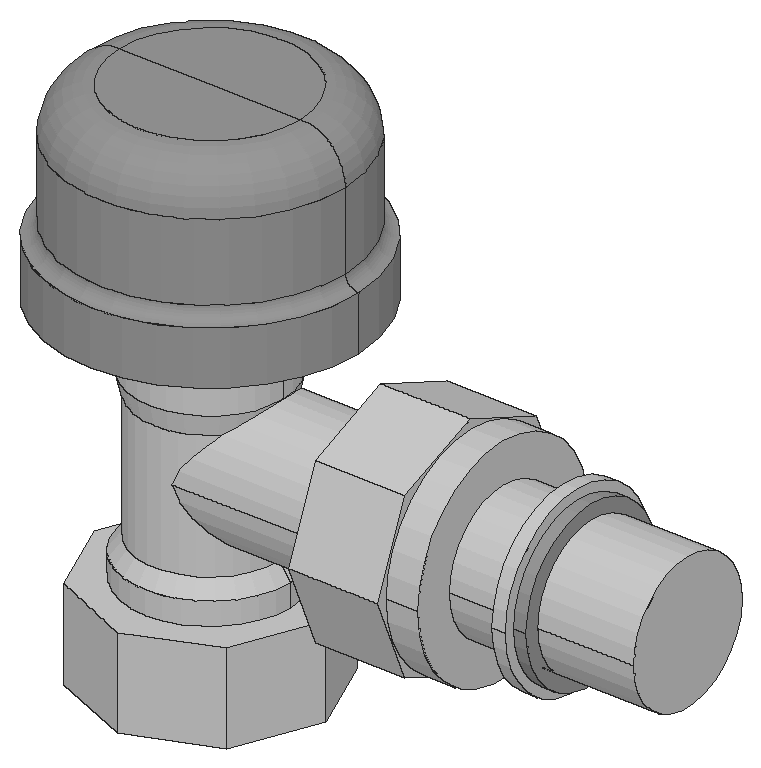
Revit family "PA_Арматура трубопроводов [клапан термостатический угловой, VT.037.N]1 - VALTEC", category Арматура трубопроводов, Revit 2018
Family settings
  Размер круглого соединителя = Использовать диаметр
  Тип детали = Вставляется
  На основе рабочей плоскости = Нет
  Всегда вертикально = Да
  При загрузке вырезать с полостями = Нет
  Общий = Нет
Parameters (values of type "VT.037.N")
  Таблица 2 = "PA_Арматура трубопроводов [клапан термостатический угловой, VT.037.N] - VALTEC - Таблица 2"  # constant formula
  Таблица 1 = "PA_Арматура трубопроводов [клапан термостатический угловой, VT.037.N] - VALTEC - Таблица 1"  # constant formula
  Материал доп.1 = Черный - VALTEC
  Изготовитель = "VALTEC"  # constant formula
  Головка термостатическая [instance] = Колпачок : Колпачок
  d8 [instance] = size_lookup(Таблица 1, "d8", 0 mm, d)  # 18 mm
  d7 [instance] = size_lookup(Таблица 1, "d7", 0 mm, d)  # 20 mm
  a5 [instance] = size_lookup(Таблица 1, "a5", 0 mm, d)  # 6.8 mm
  MM_Геометрия [instance] = if(Головка термостатическая = [1!!!НЕ ИЗМЕНЯТЬ!!!], MM_1!!!НЕ ИЗМЕНЯТЬ!!!, if(Головка термостатическая = [2!!!НЕ ИЗМЕНЯТЬ!!!], MM_2!!!НЕ ИЗМЕНЯТЬ!!!, if(Головка термостатическая = [3!!!НЕ ИЗМЕНЯТЬ!!!], MM_3!!!НЕ ИЗМЕНЯТЬ!!!, if(Головка термостатическая = [4!!!НЕ ИЗМЕНЯТЬ!!!], MM_4!!!НЕ ИЗМЕНЯТЬ!!!, if(Головка термостатическая = [5!!!НЕ ИЗМЕНЯТЬ!!!], MM_4!!!НЕ ИЗМЕНЯТЬ!!!, if(Головка термостатическая = [6!!!НЕ ИЗМЕНЯТЬ!!!], MM_5!!!НЕ ИЗМЕНЯТЬ!!!, if(Головка термостатическая = [7!!!НЕ ИЗМЕНЯТЬ!!!], MM_6!!!НЕ ИЗМЕНЯТЬ!!!, if(Головка термостатическая = [8!!!НЕ ИЗМЕНЯТЬ!!!], MM_6!!!НЕ ИЗМЕНЯТЬ!!!, if(Головка термостатическая = [9!!!НЕ ИЗМЕНЯТЬ!!!], MM_6!!!НЕ ИЗМЕНЯТЬ!!!, if(Головка термостатическая = [10!!!НЕ ИЗМЕНЯТЬ!!!], MM_6!!!НЕ ИЗМЕНЯТЬ!!!, if(Головка термостатическая = [11!!!НЕ ИЗМЕНЯТЬ!!!], MM_7!!!НЕ ИЗМЕНЯТЬ!!!, if(Головка термостатическая = [12!!!НЕ ИЗМЕНЯТЬ!!!], MM_7!!!НЕ ИЗМЕНЯТЬ!!!, if(Головка термостатическая = [13!!!НЕ ИЗМЕНЯТЬ!!!], MM_7!!!НЕ ИЗМЕНЯТЬ!!!, MM_8!!!НЕ ИЗМЕНЯТЬ!!!)))))))))))))  # MM_Обобщенные модели [колпачок, VT.037.N] - VALTEC : VT.TE3042.0
  MM_8!!!НЕ ИЗМЕНЯТЬ!!! = MM_Обобщенные модели [колпачок, VT.037.N] - VALTEC : VT.TE3042.0
  MM_7!!!НЕ ИЗМЕНЯТЬ!!! = MM_Обобщенные модели [сервопривод электрический, VT.TE3042] - VALTEC : VT.TE3042.0
  MM_6!!!НЕ ИЗМЕНЯТЬ!!! = MM_Обобщенные модели [сервопривод электрический, VT.TE3040] - VALTEC : VT.TE3040
  MM_5!!!НЕ ИЗМЕНЯТЬ!!! = MM_Обобщенные модели [cервопривод EQUICALOR, VT.AS1000] - VALTEC : VT.AS1000
  MM_4!!!НЕ ИЗМЕНЯТЬ!!! = MM_Обобщенные модели [головка термостатическая жидкостная, VT.5000.0] - VALTEC : VT.5000.0 - VT.5010.0
  MM_3!!!НЕ ИЗМЕНЯТЬ!!! = MM_Обобщенные модели [головка термостатическая жидкостная, VT.3000.0] - VALTEC : VT.3000.0
  MM_2!!!НЕ ИЗМЕНЯТЬ!!! = MM_Обобщенные модели [головка термостатическая жидкостная, VT.1500.0] - VALTEC : VT.1500.0
  MM_1!!!НЕ ИЗМЕНЯТЬ!!! = MM_Обобщенные модели [головка термостатическая твердотельная, VT.1000.0] - VALTEC : VT.1000.0
  ME_Информация [instance] = if(Головка термостатическая = [1!!!НЕ ИЗМЕНЯТЬ!!!], ME_1!!!НЕ ИЗМЕНЯТЬ!!!, if(Головка термостатическая = [2!!!НЕ ИЗМЕНЯТЬ!!!], ME_2!!!НЕ ИЗМЕНЯТЬ!!!, if(Головка термостатическая = [3!!!НЕ ИЗМЕНЯТЬ!!!], ME_3!!!НЕ ИЗМЕНЯТЬ!!!, if(Головка термостатическая = [4!!!НЕ ИЗМЕНЯТЬ!!!], ME_4!!!НЕ ИЗМЕНЯТЬ!!!, if(Головка термостатическая = [5!!!НЕ ИЗМЕНЯТЬ!!!], ME_5!!!НЕ ИЗМЕНЯТЬ!!!, if(Головка термостатическая = [6!!!НЕ ИЗМЕНЯТЬ!!!], ME_6!!!НЕ ИЗМЕНЯТЬ!!!, if(Головка термостатическая = [7!!!НЕ ИЗМЕНЯТЬ!!!], ME_7!!!НЕ ИЗМЕНЯТЬ!!!, if(Головка термостатическая = [8!!!НЕ ИЗМЕНЯТЬ!!!], ME_8!!!НЕ ИЗМЕНЯТЬ!!!, if(Головка термостатическая = [9!!!НЕ ИЗМЕНЯТЬ!!!], ME_9!!!НЕ ИЗМЕНЯТЬ!!!, if(Головка термостатическая = [10!!!НЕ ИЗМЕНЯТЬ!!!], ME_10!!!НЕ ИЗМЕНЯТЬ!!!, if(Головка термостатическая = [11!!!НЕ ИЗМЕНЯТЬ!!!], ME_11!!!НЕ ИЗМЕНЯТЬ!!!, if(Головка термостатическая = [12!!!НЕ ИЗМЕНЯТЬ!!!], ME_12!!!НЕ ИЗМЕНЯТЬ!!!, if(Головка термостатическая = [13!!!НЕ ИЗМЕНЯТЬ!!!], ME_13!!!НЕ ИЗМЕНЯТЬ!!!, ME_14!!!НЕ ИЗМЕНЯТЬ!!!)))))))))))))  # ME_Оборудование [колпачек] - VALTEC : ME_Оборудование [колпачек] - VALTEC
  ME_9!!!НЕ ИЗМЕНЯТЬ!!! = ME_Оборудование [сервопривод электрический, VT.TE3041.0.024] - VALTEC : ME_Оборудование [сервопривод электрический, VT.TE3041.0.024] - VALTEC
  ME_8!!!НЕ ИЗМЕНЯТЬ!!! = ME_Оборудование [сервопривод электрический, VT.TE3040.A.220] - VALTEC : ME_Оборудование [сервопривод электрический, VT.TE3040.A.220] - VALTEC
  ME_7!!!НЕ ИЗМЕНЯТЬ!!! = ME_Оборудование [сервопривод электрический, VT.TE3040.0.220] - VALTEC : ME_Оборудование [сервопривод электрический, VT.TE3040.0.220] - VALTEC
  ME_6!!!НЕ ИЗМЕНЯТЬ!!! = ME_Оборудование [cервопривод EQUICALOR, VT.AS1000] - VALTEC : ME_Оборудование [cервопривод EQUICALOR, VT.AS1000] - VALTEC
  ME_5!!!НЕ ИЗМЕНЯТЬ!!! = ME_Оборудование [головка термостатическая жидкостная, VT.5010.0] - VALTEC : ME_Оборудование [головка термостатическая жидкостная, VT.5010.0] - VALTEC
  ME_4!!!НЕ ИЗМЕНЯТЬ!!! = ME_Оборудование [головка термостатическая жидкостная, VT.5000.0] - VALTEC : ME_Оборудование [головка термостатическая жидкостная, VT.5000.0] - VALTEC
  ME_3!!!НЕ ИЗМЕНЯТЬ!!! = ME_Оборудование [головка термостатическая жидкостная, VT.3000.0] - VALTEC : ME_Оборудование [головка термостатическая жидкостная, VT.3000.0] - VALTEC
  ME_2!!!НЕ ИЗМЕНЯТЬ!!! = ME_Оборудование [головка термостатическая жидкостная, VT.1500.0] - VALTEC : ME_Оборудование [головка термостатическая жидкостная, VT.1500.0] - VALTEC
  ME_14!!!НЕ ИЗМЕНЯТЬ!!! = ME_Оборудование [колпачек] - VALTEC : ME_Оборудование [колпачек] - VALTEC
  ME_13!!!НЕ ИЗМЕНЯТЬ!!! = ME_Оборудование [сервопривод электрический, VT.TE3042.A.220] - VALTEC : ME_Оборудование [сервопривод электрический, VT.TE3042.A.220] - VALTEC
  ME_12!!!НЕ ИЗМЕНЯТЬ!!! = ME_Оборудование [сервопривод электрический, VT.TE3042.0.220] - VALTEC : ME_Оборудование [сервопривод электрический, VT.TE3042.0.220] - VALTEC
  ME_11!!!НЕ ИЗМЕНЯТЬ!!! = ME_Оборудование [сервопривод электрический, VT.TE3042.0.024] - VALTEC : ME_Оборудование [сервопривод электрический, VT.TE3042.0.024] - VALTEC
  ME_10!!!НЕ ИЗМЕНЯТЬ!!! = ME_Оборудование [сервопривод электрический, VT.TE3041.A.024] - VALTEC : ME_Оборудование [сервопривод электрический, VT.TE3041.A.024] - VALTEC
  ME_1!!!НЕ ИЗМЕНЯТЬ!!! = ME_Оборудование [головка термостатическая твердотельная, VT.1000.0] - VALTEC : ME_Оборудование [головка термостатическая твердотельная, VT.1000.0] - VALTEC
  B [instance] = size_lookup(Таблица 1, "B", 0 mm, d)  # 53 mm
  b6 [instance] = size_lookup(Таблица 1, "b6", 0 mm, d)  # 5.3 mm
  b5 [instance] = size_lookup(Таблица 1, "b5", 0 mm, d)  # 2.2 mm
  b4 [instance] = size_lookup(Таблица 1, "b4", 0 mm, d)  # 14.1 mm
  b3 [instance] = size_lookup(Таблица 1, "b3", 0 mm, d)  # 1.7 mm
  b2 [instance] = size_lookup(Таблица 1, "b2", 0 mm, d)  # 2.5 mm
  b7 [instance] = size_lookup(Таблица 1, "b7", 0 mm, d)  # 2.1 mm
  d6 [instance] = size_lookup(Таблица 1, "d6", 0 mm, d)  # 16.4 mm
  d5 [instance] = size_lookup(Таблица 1, "d5", 0 mm, d)  # 15.4 mm
  d4 [instance] = size_lookup(Таблица 1, "d4", 0 mm, d)  # 17.9 mm
  d3 [instance] = size_lookup(Таблица 1, "d3", 0 mm, d)  # 23.6 mm
  d2 [instance] = size_lookup(Таблица 1, "d2", 0 mm, d)  # 25.6 mm
  d1 [instance] = size_lookup(Таблица 1, "d1", 0 mm, d)  # 16 mm
  d [instance] = 15 mm
  b1 [instance] = size_lookup(Таблица 1, "b1", 0 mm, d)  # 10 mm
  a4 [instance] = size_lookup(Таблица 1, "a4", 0 mm, d)  # 3.6 mm
  a3 [instance] = size_lookup(Таблица 1, "a3", 0 mm, d)  # 9.9 mm
  a2 [instance] = size_lookup(Таблица 1, "a2", 0 mm, d)  # 1.8 mm
  a1 [instance] = size_lookup(Таблица 1, "a1", 0 mm, d)  # 17.2 mm
  URL = "https://valtec.ru/"
  C [instance] = size_lookup(Таблица 1, "C", 0 mm, d)  # 23 mm
  ADSK_Расход жидкости [instance] = 0.0 L/s
  ADSK_Примечание [instance] = ""
  ADSK_Потеря давления жидкости [instance] = 0.0 Pa
  ADSK_Позиция [instance] = ""
  ADSK_Обозначение [instance] = "VT.037.N"  # constant formula
  ADSK_Наименование [instance] = size_lookup(Таблица 1, "", "Данный типоразмер отсутствует", d)  # "Клапан термостатический угловой 1/2\""
  ADSK_Материал = Сталь, нержавеющая - VALTEC
  ADSK_Масса [instance] = if(d = 15 mm, 0.238, if(d = 20 mm, 0.307, 0))  # 0.238
  ADSK_Марка [instance] = size_lookup(Таблица 2, "", "Данный типоразмер отсутствует", d)  # "VT.037.N.04"
  ADSK_Код изделия [instance] = size_lookup(Таблица 2, "", "Данный типоразмер отсутствует", d)  # "VT.037.N.04"
  ADSK_Завод-изготовитель [instance] = Изготовитель  # "VALTEC"
  ADSK_Единица измерения [instance] = "шт."  # constant formula
  ADSK_URL страницы изделия = "https://valtec.ru/catalog/radiatornaya_armatura/termostaticheskie_klapany_dlya_radiatorov/klapan_termostaticheskij_uglovoj_s_prednastrojkoj_vt037n.html"
  ADSK_URL документации изделия = "https://valtec.ru/document/technical/VT.37-38-0718.pdf"
  A [instance] = size_lookup(Таблица 1, "A", 0 mm, d)  # 59.5 mm
  9!!!НЕ ИЗМЕНЯТЬ!!! = VT.TE3041.0.024 : VT.TE3041.0.024
  8!!!НЕ ИЗМЕНЯТЬ!!! = VT.TE3040.A.220 : VT.TE3040.A.220
  7!!!НЕ ИЗМЕНЯТЬ!!! = VT.TE3040.0.220 : VT.TE3040.0.220
  6!!!НЕ ИЗМЕНЯТЬ!!! = VT.AS1000 : VT.AS1000
  5!!!НЕ ИЗМЕНЯТЬ!!! = VT.5010.0.0 : VT.5010.0.0
  4!!!НЕ ИЗМЕНЯТЬ!!! = VT.5000.0.0 : VT.5000.0.0
  3!!!НЕ ИЗМЕНЯТЬ!!! = VT.3000.0.0 : VT.3000.0.0
  2!!!НЕ ИЗМЕНЯТЬ!!! = VT.1500.0.0 : VT.1500.0.0
  14!!!НЕ ИЗМЕНЯТЬ!!! = Колпачок : Колпачок
  13!!!НЕ ИЗМЕНЯТЬ!!! = VT.TE3042.A.220 : VT.TE3042.A.220
  12!!!НЕ ИЗМЕНЯТЬ!!! = VT.TE3042.0.220 : VT.TE3042.0.220
  11!!!НЕ ИЗМЕНЯТЬ!!! = VT.TE3042.0.024 : VT.TE3042.0.024
  10!!!НЕ ИЗМЕНЯТЬ!!! = VT.TE3041.A.024 : VT.TE3041.A.024
  1!!!НЕ ИЗМЕНЯТЬ!!! = VT.1000.0.0 : VT.1000.0.0
Reference planes
  plane 1 "По центру (Вперед/Назад)": y = 0
  plane 2: z = 0
  plane 3 "По центру (Влево/Вправо)": x = 0
  plane 4: z = 36.5
  plane 5: x = 53
  plane 6: x = 17.2
  plane 7: x = 19
  plane 8: x = 28.9
  plane 9: x = 32.5
  plane 10: x = 39.3
  plane 11: z = -23
  plane 12: z = -13
  plane 13: z = -10.5
  plane 14: z = -8.79
  plane 15: z = 5.3
  plane 16: z = 7.5
  plane 17: z = 12.8
  plane 18: z = 14.9
  plane 19: x = -20.2
  plane 20: x = 40.8
  plane 21: x = 42.3
Forms (mm)
  Extrusion 1, solid, material "Сталь, нержавеющая - VALTEC" <- "ADSK_Материал", detail levels medium+fine
    sketch origin (0, 0, 0) x (0, 1, 0) y (0, 0, 1)
      loop
        circle (0, 0) r 7.5
    from 32.5 to 53
  Extrusion 2, solid, material "Сталь, нержавеющая - VALTEC" <- "ADSK_Материал", detail levels medium+fine
    sketch origin (0, 0, 0) x (0, 1, 0) y (0, 0, 1)
      loop
        circle (0, 0) r 7.5
    from 0 to 17.2
  Blend 3, solid, material "Сталь, нержавеющая - VALTEC" <- "ADSK_Материал", detail levels medium+fine
    base sketch origin (0, 0, 0) x (0, 1, 0) y (0, 0, 1)
      loop
        circle (0, 0) r 7.5
    top sketch origin (0, 0, 0) x (0, 1, 0) y (0, 0, 1)
      loop
        circle (0, 0) r 8
    from 17.2 to 19
  Extrusion 4, solid, material "Сталь, нержавеющая - VALTEC" <- "ADSK_Материал", detail levels medium+fine
    sketch origin (0, 0, 0) x (0, 1, 0) y (0, 0, 1)
      loop
        circle (0, 0) r 11.8
    from 32.5 to 28.9
  Blend 5, solid, material "Сталь, нержавеющая - VALTEC" <- "ADSK_Материал", detail levels medium+fine
    base sketch origin (0, 0, 0) x (1, 0, 0) y (0, 1, 0)
      loop
        circle (0, 0) r 8.95
    top sketch origin (0, 0, 0) x (1, 0, 0) y (0, 1, 0)
      loop
        circle (0, 0) r 7.7
    from -10.5 to -8.79
  Extrusion 6, solid, material "Сталь, нержавеющая - VALTEC" <- "ADSK_Материал", detail levels medium+fine
    sketch origin (0, 0, 0) x (1, 0, 0) y (0, 1, 0)
      loop
        circle (0, 0) r 7.7
    from -8.79 to 5.3
  Extrusion 7, solid, material "Сталь, нержавеющая - VALTEC" <- "ADSK_Материал", detail levels medium+fine
    sketch origin (0, 0, 0) x (1, 0, 0) y (0, 1, 0)
      loop
        circle (0, 0) r 8.95
    from -13 to -10.5
  Blend 8, solid, material "Сталь, нержавеющая - VALTEC" <- "ADSK_Материал", detail levels medium+fine
    base sketch origin (0, 0, 0) x (1, 0, 0) y (0, 1, 0)
      loop
        circle (0, 0) r 8.2
    top sketch origin (0, 0, 0) x (1, 0, 0) y (0, 1, 0)
      loop
        circle (0, 0) r 7.7
    from 7.5 to 5.3
  Extrusion 9, solid, material "Сталь, нержавеющая - VALTEC" <- "ADSK_Материал", detail levels medium+fine
    sketch origin (0, 0, 0) x (1, 0, 0) y (0, 1, 0)
      loop
        circle (0, 0) r 8.2
    from 7.5 to 12.8
  Blend 10, solid, material "Сталь, нержавеющая - VALTEC" <- "ADSK_Материал", detail levels medium+fine
    base sketch origin (0, 0, 0) x (1, 0, 0) y (0, 1, 0)
      loop
        circle (0, 0) r 8.2
    top sketch origin (0, 0, 0) x (1, 0, 0) y (0, 1, 0)
      loop
        circle (0, 0) r 8.95
    from 12.8 to 14.9
  Extrusion 11, solid, material "Сталь, нержавеющая - VALTEC" <- "ADSK_Материал", detail levels medium+fine
    sketch origin (0, 0, 0) x (0, 1, 0) y (0, 0, 1)
      loop
        circle (0, 0) r 10
    from 39.3 to 40.8
  Extrusion 12, solid, material "Черный - VALTEC" <- "Материал доп.1", detail levels medium+fine
    sketch origin (0, 0, 0) x (0, 1, 0) y (0, 0, 1)
      loop
        circle (0, 0) r 9
    from 40.8 to 42.3
Cuts and joins
  joined: Extrusion 1, Extrusion 4, Extrusion 11
  joined: Extrusion 2, Blend 3, Blend 5, Extrusion 6, Extrusion 7, Blend 8, Extrusion 9, Blend 10
Lines and regions (mm)
  model lines, detail levels coarse
    curve 1: line (-20.2, 0, -23) -> (17.2, 0, -23)
    curve 2: line (0, 0, 0) -> (-20.2, 0, -23)
    curve 3: line (17.2, 0, -23) -> (0, 0, 0)
    curve 4: line (28.9, 0, -17.2) -> (28.9, 0, 22.2)
    curve 5: line (0, 0, 0) -> (28.9, 0, 22.2)
    curve 6: line (28.9, 0, -17.2) -> (0, 0, 0)
    curve 7: line (28.9, 0, 0) -> (42.3, 0, 0)
    curve 8: line (0, 0, 36.5) -> (0, 0, 0)
    curve 9: line (0, 0, 0) -> (-10, 0, 19.321)
    curve 21: line (0, 0, 0) -> (10, 0, 19.321)
  symbolic lines, detail levels coarse
    curve 10: line (28.9, -20.2, 0) -> (28.9, 20.2, 0)
    curve 11: line (-20.2, -26, 0) -> (17.2, -26, 0)
    curve 12: line (-20.2, -26, 0) -> (0, 0, 0)
    curve 13: line (0, 0, 0) -> (17.2, -26, 0)
    curve 14: line (0, 0, 0) -> (28.9, 20.2, 0)
    curve 15: line (28.9, -20.2, 0) -> (0, 0, 0)
    curve 16: line (28.9, 0, 0) -> (42.3, 0, 0)
    curve 17: line (0, 0, 0) -> (0, 35, 0)
    curve 18: line (0, 0, 0) -> (-10, 17.321, 0)
    curve 22: line (0, 0, 0) -> (10, 17.321, 0)
  reference lines
    curve 19: line (0, 0, 0) -> (0, 0, -23)
    curve 20: line (0, 0, 0) -> (42.3, 0, 0)
Dimensions and locks
  "B": plane 3 "По центру (Влево/Вправо)" to plane 5
  "a1": plane 3 "По центру (Влево/Вправо)" to plane 6
  "a2": plane 6 to plane 7
  "a3": plane 7 to plane 8
  "a4": plane 8 to plane 9
  "a5": plane 9 to plane 10
  "A": plane 4 to plane 11
  "b1": plane 12 to plane 11
  "b2": plane 13 to plane 12
  "b5": plane 16 to plane 15
  "b6": plane 17 to plane 16
  "b7": plane 18 to plane 17
  locked: plane 19 to plane 3 "По центру (Влево/Вправо)" at 20.2
  plane 14 to plane 13 = 1.71 mm
  plane 15 to plane 14 = 14.09 mm
  "C": plane 2 to plane 11
  locked: plane 10 to plane 20 at 1.5
  locked: plane 20 to plane 21 at 1.5
  "d": diameter of Extrusion 1 sketch curve
  "d": diameter of Extrusion 2 sketch curve
  "d": diameter of Blend 3 sketch curve
  "d1": diameter of Blend 3 sketch curve
  "d3": diameter of Extrusion 4 sketch curve
  "d4": diameter of Blend 5 sketch curve
  "d5": diameter of Blend 5 sketch curve
  "d5": diameter of Extrusion 6 sketch curve
  "d4": diameter of Extrusion 7 sketch curve
  "d6": diameter of Blend 8 sketch curve
  "d5": diameter of Blend 8 sketch curve
  "d6": diameter of Extrusion 9 sketch curve
  "d6": diameter of Blend 10 sketch curve
  "d4": diameter of Blend 10 sketch curve
  "d7": diameter of Extrusion 11 sketch curve
  "d8": diameter of Extrusion 12 sketch curve
  aligned and locked: level to plane 2
  aligned and locked: level to Extrusion 1 sketch curve
  aligned and locked: plane 1 "По центру (Вперед/Назад)" to Extrusion 1 sketch curve
  aligned and locked: level to Extrusion 2 sketch curve
  aligned and locked: plane 1 "По центру (Вперед/Назад)" to Extrusion 2 sketch curve
  aligned and locked: level to Blend 3 sketch curve  (x2)
  aligned and locked: plane 1 "По центру (Вперед/Назад)" to Blend 3 sketch curve  (x2)
  aligned and locked: plane 1 "По центру (Вперед/Назад)" to Extrusion 4 sketch curve
  aligned and locked: level to Extrusion 4 sketch curve
  aligned and locked: Extrusion 2 to plane 6
  aligned and locked: plane 6 to Blend 3
  aligned and locked: Blend 3 to plane 7
  aligned and locked: plane 9 to Extrusion 4
  aligned and locked: plane 8 to Extrusion 4
  aligned and locked: plane 9 to Extrusion 1
  aligned and locked: plane 1 "По центру (Вперед/Назад)" to nested 1
  aligned and locked: plane 7 to nested 1
  aligned and locked: Extrusion 1 to plane 5
  aligned and locked: nested 2 to plane 11
  aligned and locked: plane 1 "По центру (Вперед/Назад)" to Blend 5 sketch curve  (x2)
  aligned and locked: plane 3 "По центру (Влево/Вправо)" to Blend 5 sketch curve  (x2)
  aligned and locked: plane 1 "По центру (Вперед/Назад)" to Extrusion 6 sketch curve
  aligned and locked: plane 3 "По центру (Влево/Вправо)" to Extrusion 6 sketch curve
  aligned and locked: Blend 5 to plane 13
  aligned and locked: plane 15 to Extrusion 6
  aligned and locked: plane 3 "По центру (Влево/Вправо)" to Extrusion 7 sketch curve
  aligned and locked: plane 1 "По центру (Вперед/Назад)" to Extrusion 7 sketch curve
  aligned and locked: Extrusion 7 to plane 12
  aligned and locked: plane 13 to Extrusion 7
  aligned and locked: plane 3 "По центру (Влево/Вправо)" to Extrusion 9 sketch curve
  aligned and locked: plane 1 "По центру (Вперед/Назад)" to Extrusion 9 sketch curve
  aligned and locked: Extrusion 9 to plane 16
  aligned and locked: plane 17 to Extrusion 9
  aligned and locked: plane 1 "По центру (Вперед/Назад)" to Blend 10 sketch curve  (x2)
  aligned and locked: plane 3 "По центру (Влево/Вправо)" to Blend 10 sketch curve  (x2)
  aligned and locked: Blend 10 to plane 17
  aligned and locked: plane 18 to Blend 10
  aligned and locked: Extrusion 6 to plane 14
  aligned and locked: Blend 8 to plane 15
  aligned and locked: plane 16 to Blend 8
  aligned and locked: Extrusion 2 to plane 3 "По центру (Влево/Вправо)"
  aligned and locked: plane 19 to curve 1
  aligned and locked: plane 6 to curve 1
  aligned and locked: plane 11 to curve 3
  aligned and locked: curve 1 to plane 11
  aligned and locked: curve 4 to plane 8
  aligned and locked: plane 8 to curve 7
  aligned and locked: curve 7 to level
  aligned and locked: level to curve 8
  aligned and locked: plane 4 to curve 8
  aligned and locked: curve 8 to plane 3 "По центру (Влево/Вправо)"
  aligned and locked: curve 10 to plane 8
  aligned and locked: plane 8 to curve 16
  aligned and locked: level to curve 19
  aligned and locked: plane 11 to curve 19
  aligned and locked: curve 19 to plane 3 "По центру (Влево/Вправо)"
  aligned and locked: curve 20 to curve 16
  aligned and locked: nested 4 to plane 3 "По центру (Влево/Вправо)"
  aligned and locked: plane 1 "По центру (Вперед/Назад)" to nested 4
  aligned and locked: nested 3 to plane 1 "По центру (Вперед/Назад)"
  aligned and locked: plane 3 "По центру (Влево/Вправо)" to nested 3
  aligned and locked: plane 18 to nested 3
  aligned and locked: cut or joined group of Extrusion 2, Blend 3, Blend 5, Extrusion 6, Extrusion 7, Blend 8, Extrusion 9, Blend 10 to plane 14
  aligned and locked: plane 14 to cut or joined group of Extrusion 2, Blend 3, Blend 5, Extrusion 6, Extrusion 7, Blend 8, Extrusion 9, Blend 10
  aligned and locked: level to Extrusion 11 sketch curve
  aligned and locked: plane 1 "По центру (Вперед/Назад)" to Extrusion 11 sketch curve
  aligned and locked: plane 1 "По центру (Вперед/Назад)" to Extrusion 12 sketch curve
  aligned and locked: level to Extrusion 12 sketch curve
  aligned and locked: plane 21 to curve 16
  aligned and locked: plane 10 to Extrusion 11
  aligned and locked: Extrusion 11 to plane 20
  aligned and locked: plane 20 to Extrusion 12
  aligned and locked: Extrusion 12 to plane 21
  aligned and locked: plane 21 to curve 20
  aligned and locked: plane 21 to curve 7
Automatic sketch dimensions
  curve 6 to plane 12 = 4.2 mm
  plane 18 to curve 4 = 7.3 mm
  plane 18 to curve 9 = 4.421 mm
  curve 9 to plane 3 "По центру (Влево/Вправо)" = 10 mm
  plane 18 to curve 21 = 4.421 mm
  plane 3 "По центру (Влево/Вправо)" to curve 21 = 10 mm
  plane 1 "По центру (Вперед/Назад)" to Blend 8 sketch curve = 0 mm  (x2)
  Blend 8 sketch curve to plane 3 "По центру (Влево/Вправо)" = 0 mm  (x2)
  curve 12 to plane 19 = 0 mm
  curve 17 to plane 3 "По центру (Влево/Вправо)" = 0 mm
  curve 13 to plane 6 = 0 mm
  plane 1 "По центру (Вперед/Назад)" to curve 13 = 0 mm
  plane 1 "По центру (Вперед/Назад)" to curve 10 = 20.2 mm
  curve 13 to curve 10 = 5.8 mm
  curve 16 to curve 14 = 20.2 mm
  curve 18 to plane 3 "По центру (Влево/Вправо)" = 10 mm
  plane 3 "По центру (Влево/Вправо)" to curve 22 = 10 mm
  curve 18 to plane 1 "По центру (Вперед/Назад)" = 17.321 mm
  curve 22 to plane 1 "По центру (Вперед/Назад)" = 17.321 mm
  curve 22 to curve 17 = 17.679 mm
Nested families
  nested 1: "Гайка - горизонталь" at (23.95, 0, 0), d3 <- "d2", B <- "a3", ADSK_Материал <- "ADSK_Материал", type "Гайка - горизонталь", detail levels medium+fine
    with hr 23.651 mm, d3 25.6 mm, B 9.9 mm, ADSK_Материал Сталь, нержавеющая - VALTEC
  nested 2: "Гайка - вертикаль" at (0, 0, -23), ADSK_Материал <- "ADSK_Материал", d6 <- "d2", h3 <- "b1", type "Гайка - вертикаль", detail levels medium+fine
    with hr 23.651 mm, h3 10 mm, d6 25.6 mm, ADSK_Материал Сталь, нержавеющая - VALTEC
  nested 3: "MM_Обобщенные модели [колпачок, VT.037.N] - VALTEC" at (0, 0, 14.9), type <- "MM_Геометрия", type "VT.TE3042.0", detail levels medium+fine
  nested 4: "ME_Оборудование [колпачек] - VALTEC" at (0, 0, 0), type <- "ME_Информация", type "ME_Оборудование [колпачек] - VALTEC", detail levels medium
    with ADSK_Примечание "", ADSK_Позиция "", ADSK_Обозначение "VT.TE3041.A", ADSK_Наименование "Сервопривод электрический, нормально открытый, 24 В", ADSK_Масса 0, ADSK_Код изделия "VT.TE3041.A. 024", ADSK_Завод-изготовитель "VALTEC", ADSK_Единица измерения "шт."
Connectors
  piping at (0, 0, -23), diameter 15, driven by "d", driven by "ADSK_Расход жидкости", driven by "ADSK_Потеря давления жидкости"
    settings: on curve 19, index 1, connector inside diameter 609.6 mm, connector length 0 mm, flow factor 0, pipe flow 0.0 L/s, pressure drop 0.0 Pa, fitting loss kfactor 0, connector angle 0.00°, fixture units 0, engagement length 0 mm, angle of deflection 0.00°, flow configuration 0, flow direction 1, fitting loss method 4, system type 7, joint type 0, gender type 0, connector reference index 2, connector utility 0, adjustable connector no, is connector primary yes, connector description ""
  piping at (42.3, 0, 0), diameter 15, driven by "d", driven by "ADSK_Расход жидкости"
    settings: on curve 20, index 2, connector inside diameter 609.6 mm, connector length 0 mm, flow factor 0, pipe flow 0.0 L/s, pressure drop 0.0 Pa, fitting loss kfactor 0, connector angle 0.00°, fixture units 0, engagement length 0 mm, angle of deflection 0.00°, flow configuration 0, flow direction 2, fitting loss method 0, system type 7, joint type 0, gender type 0, connector reference index 1, connector utility 0, adjustable connector no, is connector primary no, connector description ""
Definition of nested family "Гайка - горизонталь"
  Parameters (values of type "Гайка - горизонталь")
    hr [instance] = d3 / 2 * cos(180.00° / 8) * 2  # 588.881 mm
    d3 [instance] = 637.4 mm
    B [instance] = 637.4 mm
    ADSK_Материал [instance] = none
  Reference planes
    plane 1 "По центру (Вперед/Назад)": y = 0
    plane 2: z = 0
    plane 3 "По центру (Влево/Вправо)": x = 0
    plane 4: y = 318.7
    plane 5: y = -318.7
    plane 6: through (0, -912.519, 2972.425) normal (0, -0.9239, -0.3827)
    plane 7: through (0, -1234.338, 2979.956) normal (0, -0.9239, -0.3827)
    plane 8: through (0, -1556.157, 2987.486) normal (0, -0.9239, -0.3827)
    plane 9: through (0, 1234.338, 2979.956) normal (0, -0.9239, 0.3827)
    plane 10: through (0, -2420.114, 1321.144) normal (0, -0.3827, -0.9239)
    plane 11: through (0, -2532.792, 1049.117) normal (0, -0.3827, -0.9239)
    plane 12: through (0, -2645.469, 777.089) normal (0, -0.3827, -0.9239)
    plane 13: through (0, 2420.114, 1321.144) normal (0, -0.3827, 0.9239)
    plane 14: through (0, 2532.792, 1049.117) normal (0, -0.3827, 0.9239)
    plane 15: through (0, 2645.469, 777.089) normal (0, -0.3827, 0.9239)
    plane 16: through (0, 912.519, 2972.425) normal (0, -0.9239, 0.3827)
    plane 17: through (0, 1234.338, 2979.956) normal (0, -0.9239, 0.3827)
    plane 18: through (0, 1556.157, 2987.486) normal (0, -0.9239, 0.3827)
    plane 19: x = 318.7
    plane 20: x = -318.7
  Forms (mm)
    Extrusion 1, solid, material <- "ADSK_Материал"
      sketch origin (0, 0, 0) x (0, 1, 0) y (0, 0, 1)
        loop
          line (0, 318.7) -> (-225.355, 225.355) -> (-318.7, 0) -> (-225.355, -225.355) -> (0, -318.7) -> (225.355, -225.355) -> (318.7, 0) -> (225.355, 225.355) -> (0, 318.7)
      from -318.7 to 318.7
  Dimensions and locks
    equal spacing: plane 4, plane 1 "По центру (Вперед/Назад)", plane 5
    "d3": plane 4 to plane 5
    equal spacing: plane 8, plane 7, plane 6
    "hr": plane 8 to plane 6
    equal spacing: plane 12, plane 11, plane 10
    "hr": plane 12 to plane 10
    equal spacing: plane 15, plane 14, plane 13
    "hr": plane 15 to plane 13
    equal spacing: plane 18, plane 17, plane 16
    "hr": plane 18 to plane 16
    equal spacing: plane 20, plane 3 "По центру (Влево/Вправо)", plane 19
    "B": plane 20 to plane 19
    aligned and locked: level to plane 2
    aligned and locked: plane 10 to Extrusion 1 sketch curve
    aligned and locked: plane 13 to Extrusion 1 sketch curve
    aligned and locked: plane 16 to Extrusion 1 sketch curve
    aligned and locked: Extrusion 1 sketch curve to plane 8
    aligned and locked: Extrusion 1 sketch curve to plane 12
    aligned and locked: Extrusion 1 sketch curve to plane 15
    aligned and locked: Extrusion 1 sketch curve to plane 18
    aligned and locked: plane 6 to Extrusion 1 sketch curve
    aligned and locked: plane 19 to Extrusion 1
    aligned and locked: plane 20 to Extrusion 1
    aligned and locked: Extrusion 1 to plane 19
Definition of nested family "Гайка - вертикаль"
  Parameters (values of type "Гайка - вертикаль")
    h3 [instance] = 7.5 mm
    hr [instance] = d6 / 2 * cos(180.00° / 8) * 2  # 11.918 mm
    d6 [instance] = 12.9 mm
    ADSK_Материал [instance] = none
  Reference planes
    plane 1 "По центру (Вперед/Назад)": y = 0
    plane 2: z = 0
    plane 3 "По центру (Влево/Вправо)": x = 0
    plane 4: x = -6.45
    plane 5: x = 6.45
    plane 6: through (737.894, 1797.006, 1200) normal (0.9239, -0.3827, 0)
    plane 7: through (765.367, 1847.759, 1200) normal (0.9239, -0.3827, 0)
    plane 8: through (792.839, 1898.512, 1200) normal (0.9239, -0.3827, 0)
    plane 9: through (-737.894, 1797.006, 1200) normal (0.9239, 0.3827, 0)
    plane 10: through (-765.367, 1847.759, 1200) normal (0.9239, 0.3827, 0)
    plane 11: through (-792.839, 1898.512, 1200) normal (0.9239, 0.3827, 0)
    plane 12: through (1845.479, 770.872, 1200) normal (0.3827, -0.9239, 0)
    plane 13: through (1847.759, 765.367, 1200) normal (0.3827, -0.9239, 0)
    plane 14: through (1850.039, 759.861, 1200) normal (0.3827, -0.9239, 0)
    plane 15: through (-1845.479, 770.872, 1200) normal (0.3827, 0.9239, 0)
    plane 16: through (-1847.759, 765.367, 1200) normal (0.3827, 0.9239, 0)
    plane 17: through (-1850.039, 759.861, 1200) normal (0.3827, 0.9239, 0)
    plane 18: z = 7.5
  Forms (mm)
    Extrusion 1, solid, material <- "ADSK_Материал"
      sketch origin (0, 0, 0) x (1, 0, 0) y (0, 1, 0)
        loop
          line (0, 6.45) -> (-4.561, 4.561) -> (-6.45, 0) -> (-4.561, -4.561) -> (0, -6.45) -> (4.561, -4.561) -> (6.45, 0) -> (4.561, 4.561) -> (0, 6.45)
      from 0 to 7.5
  Dimensions and locks
    equal spacing: plane 4, plane 3 "По центру (Влево/Вправо)", plane 5
    "d6": plane 4 to plane 5
    equal spacing: plane 6, plane 7, plane 8
    "hr": plane 6 to plane 8
    equal spacing: plane 9, plane 10, plane 11
    "hr": plane 9 to plane 11
    equal spacing: plane 12, plane 13, plane 14
    "hr": plane 12 to plane 14
    equal spacing: plane 15, plane 16, plane 17
    "hr": plane 15 to plane 17
    "h3": plane 18 to plane 2
    aligned and locked: level to plane 2
    aligned and locked: plane 12 to Extrusion 1 sketch curve
    aligned and locked: plane 15 to Extrusion 1 sketch curve
    aligned and locked: plane 9 to Extrusion 1 sketch curve
    aligned and locked: Extrusion 1 sketch curve to plane 8
    aligned and locked: Extrusion 1 sketch curve to plane 14
    aligned and locked: Extrusion 1 sketch curve to plane 17
    aligned and locked: Extrusion 1 sketch curve to plane 11
    aligned and locked: plane 6 to Extrusion 1 sketch curve
    aligned and locked: plane 18 to Extrusion 1
Definition of nested family "MM_Обобщенные модели [колпачок, VT.037.N] - VALTEC"
  Parameters (values of type "VT.TE3042.0")
    Manufacturer = ""
    URL = ""
    ADSK_Материал = none
  Reference planes
    plane 1 "По центру (Вперед/Назад)": y = 0
    plane 2: z = 0
    plane 3 "По центру (Влево/Вправо)": x = 0
    plane 4: z = 21
    plane 5: y = 5.5
    plane 6: y = -5.5
    plane 7: x = -16.5
    plane 8: z = 6
    plane 9: x = 16.5
  Forms (mm)
    Revolve 1, solid, material <- "ADSK_Материал"
      sketch origin (0, 0, 0) x (1, 0, 0) y (0, 0, 1)
        loop
          line (0, 0) -> (0, 21) -> (-10.04, 21)
          arc (-10.04, 21) -> (-13.576, 19.536) -> (-15.04, 16) r 5
          line (-15.04, 16) -> (-15.04, 7.46)
          arc (-15.04, 7.46) -> (-15.468, 6.427) -> (-16.5, 6) r 1.46
          line (-16.5, 6) -> (-16.5, 0) -> (0, 0)
        axis (0, 21) -> (0, 0)
      angle from 0 to 360
  Lines and regions (mm)
    reference lines
      curve 1: line (0, 0, 0) -> (0, 0, 25)
      curve 2: line (0, -12.5, 0) -> (0, 12.5, 0)
      curve 3: line (12.5, 0, 0) -> (-12.5, 0, 0)
  Dimensions and locks
    locked: plane 4 to plane 2 at 21
    plane 6 to plane 1 "По центру (Вперед/Назад)" to plane 5 = 5.5 mm locked, 5.5 mm locked
    locked: plane 3 "По центру (Влево/Вправо)" to plane 7 at 16.5
    locked: plane 9 to plane 3 "По центру (Влево/Вправо)" at 16.5
    locked: plane 8 to plane 2 at 6
    aligned and locked: level to plane 2
    aligned and locked: plane 3 "По центру (Влево/Вправо)" to Revolve 1 sketch curve
    aligned and locked: level to Revolve 1 sketch curve
    aligned and locked: plane 8 to Revolve 1 sketch curve
    aligned and locked: Revolve 1 sketch curve to plane 3 "По центру (Влево/Вправо)"
Definition of nested family "ME_Оборудование [колпачек] - VALTEC"
  Parameters (values of type "ME_Оборудование [колпачек] - VALTEC")
    Manufacturer = "VALTEC"  # constant formula
    URL = "https://valtec.ru/"
    D = 10 mm  # constant formula
    ADSK_Примечание [instance] = ""
    ADSK_Позиция [instance] = ""
    ADSK_Обозначение [instance] = "VT.1000.0"
    ADSK_Наименование [instance] = "Головка термостатическая твердотельная "
    ADSK_Материал = none
    ADSK_Масса [instance] = 0
    ADSK_Код изделия [instance] = "VT.1000.0.0"
    ADSK_Завод-изготовитель [instance] = "VALTEC"  # constant formula
    ADSK_Единица измерения [instance] = "шт."  # constant formula
    ADSK_URL страницы изделия = "https://valtec.ru/catalog/elementy_avtomatiki/termogolovki_i_privody/golovka_termostaticheskaya_tverdotelnaya_vt10000.html"
    ADSK_URL документации изделия = "https://valtec.ru/document/technical/VT.1000-0916.pdf"
  Reference planes
    plane 1 "По центру (Вперед/Назад)": y = 0
    plane 2: z = 0
    plane 3 "По центру (Влево/Вправо)": x = 0
  Forms (mm)
    Revolve 1, solid, material <- "ADSK_Материал"
      sketch origin (0, 0, 0) x (1, 0, 0) y (0, 1, 0)
        loop
          line (0, -5) -> (0, 5)
          arc (0, 5) -> (-5, 0) -> (0, -5) r 5
        axis (0, 5) -> (0, -5)
      angle from 0 to 360
  Lines and regions (mm)
    reference lines
      curve 1: line (0, 5, 0) -> (0, -5, 0)
      curve 2: line (-5, 0, 0) -> (5, 0, 0)
      curve 3: line (0, 0, 5) -> (0, 0, -5)
  Dimensions and locks
    equal spacing: curve 1, plane 1 "По центру (Вперед/Назад)", curve 1
    "D": curve 1 to curve 1
    equal spacing: curve 2, plane 3 "По центру (Влево/Вправо)", curve 2
    "D": curve 2 to curve 2
    equal spacing: curve 3, level, curve 3
    "D": curve 3 to curve 3
    "D": diameter of Revolve 1 sketch curve
    aligned and locked: level to plane 2
    aligned and locked: curve 1 to plane 3 "По центру (Влево/Вправо)"
    aligned and locked: Revolve 1 sketch curve to plane 3 "По центру (Влево/Вправо)"  (x2)
    aligned and locked: plane 1 "По центру (Вперед/Назад)" to curve 2
    aligned and locked: curve 3 to plane 3 "По центру (Влево/Вправо)"
  Automatic sketch dimensions
    plane 1 "По центру (Вперед/Назад)" to Revolve 1 sketch curve = 0 mm
    Revolve 1 sketch curve to Revolve 1 sketch curve = 1995 mm  (x2)
